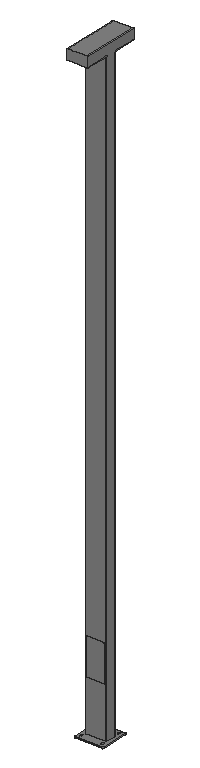
Revit family "Супремус В", category Осветительные приборы, Revit 2019 (continued)
Types (7, lengths in mm): name | Файл фотометрической сетки | built-in parameter 1150105 | Lumens | built-in parameter 1150106 | built-in parameter 1150142 | Wattage | L_общая рассеиватели | ADSK_Фактическая мощность | ADSK_Размер_Высота | ADSK_Номинальная мощность | ADSK_Наименование | ADSK_Масса_Текст | ADSK_Масса | ADSK_Артикул | 2
    47.6 46.8 46.0 45.0 44.1 43.4 42.5 41.6 40.0 38.4 36.5 34.7 33.2 32.3 30.6 29.3 28.5\r\n 26.3 23.0 19.4 17.2 16.0 15.0 14.0 13.2 12.4 11.4 10.1 9.5 9.4 9.6 9.9 9.4 8.7 8.2 7.5 7.5 7.0 7.6 7.8 7.5 6.8 5.9 5.2 5.0 4.9\r\n 5.1 5.3 5.4 0.0 0.0 0.0 0.0 0.0 0.0 0.0 0.0 0.0 0.0 0.0 0.0 0.0 0.0 0.0 0.0 0.0 0.0 0.0 0.0 0.0 0.0 0.0 0.0 0.0 0.0 0.0 0.0 0.0\r\n 0.0 0.0 0.0 0.0 0.0 0.0 0.0 0.0 0.0 0.0 0.0 0.0 0.0 0.0 0.0 0.0 0.0 0.0 0.0 0.0 0.0 0.0 0.0 0.0 0.0 0.0 0.0 0.0 0.0 0.0 0.0 0.0\r\n 0.0 0.0 0.0 0.0 0.0 0.0 0.0 0.0 0.0 0.0 0.0 0.0 0.0 0.0 0.0 0.0 0.0 0.0 0.0 0.0 0.0 0.0 0.0 0.0 0.0 0.0 0.0 0.0 0.0 0.0 0.0 0.0\r\n 0.0 0.0 0.0 0.0 0.0 0.0 0.0 0.0 0.0 0.0 0.0 0.0 0.0 0.0 0.0 0.0 0.0 0.0 0.0 0.0 0.0 0.0 0.0 0.0 0.0 0.0 0.0 0.0 0.0 0.0 0.0 0.0\r\n 0.0 0.0 0.0 0.0 0.0 0.0 0.0 0.0 0.0 0.0 0.0 0.0 0.0 0.0 0.0 0.0 0.0 0.0 0.0 0.0 0.0 0.0 0.0 0.0 0.0 0.0 0.0 0.0 0.0 0.0 0.0 0.0\r\n 0.0 0.0 0.0\r\n275.6 273.3 270.8 268.1 265.9 263.1 260.6 258.2 255.5 252.9 250.2 247.2 243.8 239.9 235.5 231.1 227.1 223.2 220.1 217.2 214.0\r\n 210.7 207.1 203.2 199.2 195.4 191.3 187.4 183.1 178.7 174.0 169.0 163.9 158.9 154.0 149.5 145.1 140.9 137.3 134.0 130.8 128.1\r\n 125.5 122.8 120.4 118.0 115.6 113.1 110.3 107.4 104.4 101.3 98.5 95.8 93.2 90.5 87.6 84.6 81.8 79.1 76.8 74.3 72.0 69.7 67.3 65.3\r\n 63.2 61.3 59.6 58.0 56.5 55.0 53.5 52.1 50.6 49.2 48.0 46.7 45.5 44.5 43.5 42.6 41.7 40.9 40.1 39.3 38.6 38.1 37.8 37.3 37.1 37.0\r\n 37.1 37.0 36.8 37.0 37.4 37.8 38.1 38.0 37.8 37.6 37.3 36.8 36.6 37.1 37.0 36.8 36.2 35.5 34.8 34.0 33.7 33.4 33.0 33.0 33.0 33.3\r\n 34.0 34.6 35.5 36.7 38.1 40.0 42.8 47.2 51.7 56.4 60.8 64.8 68.8 72.0 73.8 73.9 72.0 71.0 68.6 66.5 64.1 62.7 61.3 60.0 58.5 56.8\r\n 56.1 55.2 54.4 53.4 52.5 51.8 51.1 50.4 49.5 48.6 47.6 46.3 45.2 44.3 43.2 42.2 40.4 38.6 36.6 34.9 33.6 32.3 30.6 29.5 28.1 25.7\r\n 22.1 18.9 17.2 16.0 14.9 13.9 13.1 12.3 11.4 9.9 9.6 9.6 10.0 9.9 9.6 8.8 8.1 7.7 7.5 7.8 8.6 8.4 7.8 6.8 5.8 5.3 5.2 5.0 5.3 5.5\r\n 5.7 0.0 0.0 0.0 0.0 0.0 0.0 0.0 0.0 0.0 0.0 0.0 0.0 0.0 0.0 0.0 0.0 0.0 0.0 0.0 0.0 0.0 0.0 0.0 0.0 0.0 0.0 0.0 0.0 0.0 0.0 0.0\r\n 0.0 0.0 0.0 0.0 0.0 0.0 0.0 0.0 0.0 0.0 0.0 0.0 0.0 0.0 0.0 0.0 0.0 0.0 0.0 0.0 0.0 0.0 0.0 0.0 0.0 0.0 0.0 0.0 0.0 0.0 0.0 0.0\r\n 0.0 0.0 0.0 0.0 0.0 0.0 0.0 0.0 0.0 0.0 0.0 0.0 0.0 0.0 0.0 0.0 0.0 0.0 0.0 0.0 0.0 0.0 0.0 0.0 0.0 0.0 0.0 0.0 0.0 0.0 0.0 0.0\r\n 0.0 0.0 0.0 0.0 0.0 0.0 0.0 0.0 0.0 0.0 0.0 0.0 0.0 0.0 0.0 0.0 0.0 0.0 0.0 0.0 0.0 0.0 0.0 0.0 0.0 0.0 0.0 0.0 0.0 0.0 0.0 0.0\r\n 0.0 0.0 0.0 0.0 0.0 0.0 0.0 0.0 0.0 0.0 0.0 0.0 0.0 0.0 0.0 0.0 0.0 0.0 0.0 0.0 0.0 0.0 0.0 0.0 0.0 0.0 0.0 0.0 0.0 0.0 0.0 0.0\r\n 0.0\r\n275.6 273.1 270.6 268.0 265.6 263.0 260.5 258.1 255.4 252.7 250.1 247.1 243.8 240.0 235.6 231.1 227.0 223.2 219.9 216.9 213.9\r\n 210.5 207.1 203.2 199.1 195.2 191.3 187.2 183.0 178.5 173.6 168.6 163.8 158.8 153.9 149.2 144.9 140.9 137.1 133.8 130.8 128.1\r\n 125.4 122.6 119.9 117.5 115.3 112.7 109.9 107.0 103.9 100.8 97.9 95.3 92.7 90.0 87.2 84.2 81.4 78.7 76.4 74.1 71.7 69.3 67.0 64.8\r\n 62.8 61.0 59.2 57.6 56.2 54.7 53.3 51.8 50.4 49.0 47.8 46.6 45.4 44.3 43.4 42.5 41.7 40.9 40.1 39.3 38.6 38.3 37.9 37.5 37.3 37.1\r\n 37.1 37.0 36.8 36.8 37.3 37.8 38.1 38.0 37.7 37.4 37.0 36.7 36.7 37.3 37.2 36.9 36.4 35.6 35.0 34.5 34.1 33.8 33.4 33.2 33.2 33.7\r\n 34.3 35.1 35.9 36.8 38.3 40.2 42.7 46.8 51.2 56.3 60.4 64.4 69.4 74.0 75.6 75.1 73.7 72.1 69.9 66.7 64.2 62.0 60.7 59.6 58.6 58.5\r\n 57.0 55.3 54.3 53.7 52.9 52.3 51.9 51.3 50.2 49.2 47.7 46.3 44.9 43.8 42.6 41.3 39.5 37.6 35.7 34.3 33.0 32.0 30.7 29.1 27.4 25.2\r\n 22.0 18.5 16.8 15.6 14.5 13.6 12.7 11.8 11.1 10.0 9.1 8.8 9.1 9.4 8.9 8.4 7.9 7.4 7.5 7.8 9.3 8.1 7.1 6.4 5.8 5.2 5.1 4.9 5.0 5.2\r\n 5.5 0.0 0.0 0.0 0.0 0.0 0.0 0.0 0.0 0.0 0.0 0.0 0.0 0.0 0.0 0.0 0.0 0.0 0.0 0.0 0.0 0.0 0.0 0.0 0.0 0.0 0.0 0.0 0.0 0.0 0.0 0.0\r\n 0.0 0.0 0.0 0.0 0.0 0.0 0.0 0.0 0.0 0.0 0.0 0.0 0.0 0.0 0.0 0.0 0.0 0.0 0.0 0.0 0.0 0.0 0.0 0.0 0.0 0.0 0.0 0.0 0.0 0.0 0.0 0.0\r\n 0.0 0.0 0.0 0.0 0.0 0.0 0.0 0.0 0.0 0.0 0.0 0.0 0.0 0.0 0.0 0.0 0.0 0.0 0.0 0.0 0.0 0.0 0.0 0.0 0.0 0.0 0.0 0.0 0.0 0.0 0.0 0.0\r\n 0.0 0.0 0.0 0.0 0.0 0.0 0.0 0.0 0.0 0.0 0.0 0.0 0.0 0.0 0.0 0.0 0.0 0.0 0.0 0.0 0.0 0.0 0.0 0.0 0.0 0.0 0.0 0.0 0.0 0.0 0.0 0.0\r\n 0.0 0.0 0.0 0.0 0.0 0.0 0.0 0.0 0.0 0.0 0.0 0.0 0.0 0.0 0.0 0.0 0.0 0.0 0.0 0.0 0.0 0.0 0.0 0.0 0.0 0.0 0.0 0.0 0.0 0.0 0.0 0.0\r\n 0.0\r\n275.6 273.1 270.8 268.1 265.6 263.1 260.6 258.0 255.4 252.8 250.1 247.2 243.8 239.9 235.6 231.1 227.1 223.3 220.1 216.9 214.0\r\n 210.7 207.3 203.3 199.4 195.4 191.4 187.4 183.1 178.6 173.7 168.6 163.6 158.8 154.1 149.5 145.1 141.1 137.4 134.1 130.9 128.0\r\n 125.3 122.6 120.1 117.8 115.6 113.1 110.3 107.3 104.4 101.4 98.5 95.8 93.2 90.6 87.6 84.7 81.8 79.0 76.6 74.3 72.1 69.6 67.4 65.2\r\n 63.0 61.3 59.5 57.9 56.4 54.9 53.6 52.1 50.7 49.3 48.1 46.9 45.7 44.7 43.7 42.8 41.9 41.0 40.2 39.4 38.7 38.2 37.7 37.3 37.2 37.0\r\n 36.9 36.7 36.5 36.5 37.1 37.7 38.0 37.9 37.7 37.2 36.8 36.6 36.6 37.3 37.3 36.9 36.3 35.5 35.1 34.6 34.1 33.6 33.1 32.9 33.0 33.4\r\n 34.0 34.6 35.7 36.8 38.4 40.4 42.9 46.8 51.4 56.2 60.0 63.6 67.4 71.1 73.3 74.1 72.9 71.5 69.3 67.0 64.9 62.5 60.5 59.5 58.8 57.6\r\n 56.9 55.9 54.7 53.9 52.9 52.2 51.5 50.9 50.0 49.1 47.9 46.8 45.6 44.7 43.7 42.2 40.2 38.3 36.4 35.2 33.6 32.6 31.5 29.4 27.6 25.3\r\n 21.9 18.6 16.9 15.6 14.5 13.5 12.6 11.8 10.8 9.7 9.4 9.1 9.4 9.8 9.3 8.7 8.1 7.7 7.7 8.3 9.7 8.5 7.2 6.4 5.7 5.2 5.0 5.1 5.2 5.3\r\n 5.6 0.0 0.0 0.0 0.0 0.0 0.0 0.0 0.0 0.0 0.0 0.0 0.0 0.0 0.0 0.0 0.0 0.0 0.0 0.0 0.0 0.0 0.0 0.0 0.0 0.0 0.0 0.0 0.0 0.0 0.0 0.0\r\n 0.0 0.0 0.0 0.0 0.0 0.0 0.0 0.0 0.0 0.0 0.0 0.0 0.0 0.0 0.0 0.0 0.0 0.0 0.0 0.0 0.0 0.0 0.0 0.0 0.0 0.0 0.0 0.0 0.0 0.0 0.0 0.0\r\n 0.0 0.0 0.0 0.0 0.0 0.0 0.0 0.0 0.0 0.0 0.0 0.0 0.0 0.0 0.0 0.0 0.0 0.0 0.0 0.0 0.0 0.0 0.0 0.0 0.0 0.0 0.0 0.0 0.0 0.0 0.0 0.0\r\n 0.0 0.0 0.0 0.0 0.0 0.0 0.0 0.0 0.0 0.0 0.0 0.0 0.0 0.0 0.0 0.0 0.0 0.0 0.0 0.0 0.0 0.0 0.0 0.0 0.0 0.0 0.0 0.0 0.0 0.0 0.0 0.0\r\n 0.0 0.0 0.0 0.0 0.0 0.0 0.0 0.0 0.0 0.0 0.0 0.0 0.0 0.0 0.0 0.0 0.0 0.0 0.0 0.0 0.0 0.0 0.0 0.0 0.0 0.0 0.0 0.0 0.0 0.0 0.0 0.0\r\n 0.0\r\n275.6 273.3 270.8 268.4 265.7 263.2 260.8 258.3 255.7 253.1 250.5 247.7 244.4 240.7 236.6 232.2 228.0 224.1 220.7 217.7 214.8\r\n 211.4 208.2 204.6 200.6 196.6 192.8 188.8 184.5 180.4 175.5 170.6 165.6 160.8 156.1 151.6 147.3 143.1 139.2 135.5 132.4 129.4\r\n 126.7 124.1 121.3 118.9 116.7 114.4 111.9 109.2 106.2 103.4 100.6 97.8 95.0 92.3 89.6 86.7 83.8 80.9 78.3 75.9 73.7 71.4 69.0\r\n 66.7 64.6 62.8 61.0 59.3 57.7 56.2 54.8 53.3 51.9 50.5 49.2 48.0 46.8 45.6 44.5 43.4 42.4 41.5 40.5 39.7 38.9 38.2 37.7 37.2 36.9\r\n 36.6 36.4 36.4 36.1 35.8 35.9 36.6 37.0 37.3 37.1 36.7 36.3 36.1 36.0 36.5 37.0 36.6 35.8 34.9 34.4 34.0 33.4 32.9 32.5 32.2 32.3\r\n 32.7 33.2 33.8 34.5 35.3 36.9 38.8 41.1 44.4 48.4 52.6 56.1 59.5 62.3 64.3 66.5 69.0 70.0 69.4 68.2 66.5 64.6 62.9 61.3 59.2 57.2\r\n 55.9 54.9 54.3 53.7 52.7 51.7 51.1 50.5 49.7 48.8 47.9 46.9 46.3 45.7 44.7 43.8 42.7 41.0 39.1 37.3 35.7 34.3 33.2 32.4 30.4 28.4\r\n 26.4 23.7 19.7 17.6 16.4 15.3 14.3 13.4 12.6 11.4 10.2 9.8 9.6 9.6 10.0 9.7 8.8 8.1 7.7 7.6 8.4 9.7 8.7 7.5 6.8 6.0 5.4 5.1 5.3\r\n 5.3 5.6 5.9 0.0 0.0 0.0 0.0 0.0 0.0 0.0 0.0 0.0 0.0 0.0 0.0 0.0 0.0 0.0 0.0 0.0 0.0 0.0 0.0 0.0 0.0 0.0 0.0 0.0 0.0 0.0 0.0 0.0\r\n 0.0 0.0 0.0 0.0 0.0 0.0 0.0 0.0 0.0 0.0 0.0 0.0 0.0 0.0 0.0 0.0 0.0 0.0 0.0 0.0 0.0 0.0 0.0 0.0 0.0 0.0 0.0 0.0 0.0 0.0 0.0 0.0\r\n 0.0 0.0 0.0 0.0 0.0 0.0 0.0 0.0 0.0 0.0 0.0 0.0 0.0 0.0 0.0 0.0 0.0 0.0 0.0 0.0 0.0 0.0 0.0 0.0 0.0 0.0 0.0 0.0 0.0 0.0 0.0 0.0\r\n 0.0 0.0 0.0 0.0 0.0 0.0 0.0 0.0 0.0 0.0 0.0 0.0 0.0 0.0 0.0 0.0 0.0 0.0 0.0 0.0 0.0 0.0 0.0 0.0 0.0 0.0 0.0 0.0 0.0 0.0 0.0 0.0\r\n 0.0 0.0 0.0 0.0 0.0 0.0 0.0 0.0 0.0 0.0 0.0 0.0 0.0 0.0 0.0 0.0 0.0 0.0 0.0 0.0 0.0 0.0 0.0 0.0 0.0 0.0 0.0 0.0 0.0 0.0 0.0 0.0\r\n 0.0 0.0 0.0\r\n275.6 273.3 270.8 268.4 266.0 263.6 261.0 258.7 256.0 253.4 250.8 248.1 244.8 241.2 237.3 233.0 228.7 224.8 221.5 218.3 215.5\r\n 212.4 209.2 205.6 201.8 198.1 194.0 190.1 186.0 182.0 177.6 172.5 167.8 162.9 158.3 153.8 149.5 145.3 141.4 137.6 134.1 130.9\r\n 128.1 125.5 122.9 120.5 118.3 116.2 113.9 111.4 108.8 106.2 103.6 100.6 97.9 95.0 92.2 89.3 86.3 83.5 80.8 78.2 75.7 73.5 71.3\r\n 69.0 67.0 65.0 63.0 61.3 59.6 58.0 56.4 55.0 53.5 52.0 50.7 49.4 48.1 46.8 45.6 44.4 43.3 42.2 41.2 40.2 39.3 38.4 37.6 37.1 36.8\r\n 36.6 36.3 36.1 36.0 35.7 35.4 35.5 36.0 36.3 36.5 36.2 35.7 35.4 35.3 35.6 36.0 36.0 35.6 34.8 34.0 33.4 32.9 32.3 31.9 31.7 31.6\r\n 31.8 32.1 32.6 33.3 34.1 35.4 37.1 39.2 42.0 45.7 49.1 52.0 54.7 56.9 58.0 59.1 60.7 62.7 63.8 63.9 63.4 61.9 60.6 59.8 57.8 55.5\r\n 53.6 51.9 50.4 49.5 48.7 48.1 47.6 47.1 46.5 45.9 45.3 44.7 43.8 43.0 42.4 41.7 40.8 39.5 38.0 36.4 34.8 32.9 31.6 30.8 29.0 27.1\r\n 25.2 22.8 19.2 16.9 15.8 14.7 13.7 13.0 12.1 11.3 10.4 10.1 9.8 9.5 9.4 9.4 8.6 8.0 7.5 7.3 7.9 8.5 8.8 6.8 6.2 5.6 5.3 5.1 5.3\r\n 5.3 5.5 5.5 0.0 0.0 0.0 0.0 0.0 0.0 0.0 0.0 0.0 0.0 0.0 0.0 0.0 0.0 0.0 0.0 0.0 0.0 0.0 0.0 0.0 0.0 0.0 0.0 0.0 0.0 0.0 0.0 0.0\r\n 0.0 0.0 0.0 0.0 0.0 0.0 0.0 0.0 0.0 0.0 0.0 0.0 0.0 0.0 0.0 0.0 0.0 0.0 0.0 0.0 0.0 0.0 0.0 0.0 0.0 0.0 0.0 0.0 0.0 0.0 0.0 0.0\r\n 0.0 0.0 0.0 0.0 0.0 0.0 0.0 0.0 0.0 0.0 0.0 0.0 0.0 0.0 0.0 0.0 0.0 0.0 0.0 0.0 0.0 0.0 0.0 0.0 0.0 0.0 0.0 0.0 0.0 0.0 0.0 0.0\r\n 0.0 0.0 0.0 0.0 0.0 0.0 0.0 0.0 0.0 0.0 0.0 0.0 0.0 0.0 0.0 0.0 0.0 0.0 0.0 0.0 0.0 0.0 0.0 0.0 0.0 0.0 0.0 0.0 0.0 0.0 0.0 0.0\r\n 0.0 0.0 0.0 0.0 0.0 0.0 0.0 0.0 0.0 0.0 0.0 0.0 0.0 0.0 0.0 0.0 0.0 0.0 0.0 0.0 0.0 0.0 0.0 0.0 0.0 0.0 0.0 0.0 0.0 0.0 0.0 0.0\r\n 0.0 0.0 0.0\r\n275.6 273.4 271.1 268.7 266.2 264.0 261.6 259.2 256.8 254.2 251.7 248.9 246.0 242.7 238.9 234.8 230.6 226.6 222.8 219.7 216.8\r\n 213.8 210.9 207.7 204.0 200.3 196.5 192.7 188.8 184.8 181.0 176.5 171.8 167.0 162.4 157.9 153.6 149.4 145.4 141.5 137.6 134.1\r\n 131.1 128.3 125.9 123.4 120.9 118.9 116.9 114.8 112.5 110.1 107.8 105.2 102.5 99.7 96.8 93.8 90.8 87.8 84.9 82.2 79.6 77.2 74.9\r\n 72.7 70.4 68.3 66.4 64.5 62.8 61.2 59.6 58.0 56.5 54.9 53.5 52.1 50.7 49.3 47.9 46.6 45.3 44.0 42.8 41.7 40.6 39.6 38.6 37.6 36.8\r\n 36.5 36.2 36.0 35.8 35.6 35.4 35.1 34.8 34.9 35.3 35.3 35.2 34.8 34.5 34.5 34.5 35.2 35.4 35.0 34.1 33.3 32.5 31.7 31.0 30.4 30.1\r\n 30.0 30.1 30.6 31.2 31.9 33.2 34.7 36.1 38.0 41.1 44.1 46.9 49.5 51.2 51.9 52.0 52.5 53.6 55.2 56.8 57.8 57.9 57.5 57.1 56.6 54.7\r\n 53.0 51.2 48.8 47.0 45.6 44.8 44.0 43.5 42.9 42.5 42.1 41.7 41.2 40.6 40.2 39.6 39.1 38.2 37.3 36.0 34.2 32.6 31.3 30.3 29.2 27.0\r\n 25.3 23.4 20.6 17.6 16.1 14.9 13.8 12.9 12.1 11.1 10.5 9.6 9.6 9.3 9.3 9.0 8.9 8.2 7.7 7.4 7.5 7.1 7.3 6.4 5.9 5.4 5.3 5.1 5.1\r\n 5.2 5.3 4.7 0.0 0.0 0.0 0.0 0.0 0.0 0.0 0.0 0.0 0.0 0.0 0.0 0.0 0.0 0.0 0.0 0.0 0.0 0.0 0.0 0.0 0.0 0.0 0.0 0.0 0.0 0.0 0.0 0.0\r\n 0.0 0.0 0.0 0.0 0.0 0.0 0.0 0.0 0.0 0.0 0.0 0.0 0.0 0.0 0.0 0.0 0.0 0.0 0.0 0.0 0.0 0.0 0.0 0.0 0.0 0.0 0.0 0.0 0.0 0.0 0.0 0.0\r\n 0.0 0.0 0.0 0.0 0.0 0.0 0.0 0.0 0.0 0.0 0.0 0.0 0.0 0.0 0.0 0.0 0.0 0.0 0.0 0.0 0.0 0.0 0.0 0.0 0.0 0.0 0.0 0.0 0.0 0.0 0.0 0.0\r\n 0.0 0.0 0.0 0.0 0.0 0.0 0.0 0.0 0.0 0.0 0.0 0.0 0.0 0.0 0.0 0.0 0.0 0.0 0.0 0.0 0.0 0.0 0.0 0.0 0.0 0.0 0.0 0.0 0.0 0.0 0.0 0.0\r\n 0.0 0.0 0.0 0.0 0.0 0.0 0.0 0.0 0.0 0.0 0.0 0.0 0.0 0.0 0.0 0.0 0.0 0.0 0.0 0.0 0.0 0.0 0.0 0.0 0.0 0.0 0.0 0.0 0.0 0.0 0.0 0.0\r\n 0.0 0.0 0.0\r\n275.6 273.5 271.2 268.9 266.7 264.3 262.1 259.9 257.4 254.9 252.4 249.9 247.1 243.9 240.4 236.6 232.5 228.3 224.6 221.2 218.1\r\n 215.3 212.6 209.4 206.2 202.8 199.0 195.4 191.6 187.9 184.1 180.3 176.0 171.5 166.7 162.4 158.1 153.9 149.8 146.1 142.0 138.2\r\n 134.7 131.7 128.9 126.5 124.3 122.2 120.2 118.2 116.3 114.4 112.2 109.9 107.5 105.1 102.5 99.5 96.5 93.4 90.4 87.3 84.6 81.9 79.5\r\n 77.3 75.2 73.0 70.9 68.9 67.1 65.3 63.4 62.0 60.3 58.7 57.0 55.4 53.7 52.1 50.5 49.0 47.5 46.1 44.7 43.3 42.2 41.0 40.0 39.0 38.1\r\n 37.2 36.5 36.1 35.8 35.5 35.3 35.1 34.9 34.6 34.3 34.4 34.5 34.5 34.4 34.0 33.8 34.0 34.5 34.8 34.2 33.4 32.6 31.7 30.9 30.0 29.4\r\n 29.0 28.8 28.8 29.0 29.5 30.6 32.1 33.8 35.5 37.7 40.2 42.7 45.2 46.6 46.7 46.6 46.5 46.8 47.5 48.5 49.7 50.9 51.6 52.1 52.3 52.2\r\n 51.5 50.5 48.8 46.9 45.2 43.9 43.0 42.3 41.9 41.2 40.7 40.0 39.3 38.8 39.0 38.8 38.0 37.2 36.0 34.7 33.2 31.7 30.3 29.3 28.3 26.9\r\n 25.5 24.2 22.1 19.4 17.7 16.5 15.3 14.2 13.2 12.1 11.3 10.6 10.6 9.7 9.4 8.9 8.7 8.3 7.5 7.1 6.9 6.8 6.3 5.9 5.5 5.1 5.0 5.0 5.0\r\n 4.9 4.7 3.6 0.0 0.0 0.0 0.0 0.0 0.0 0.0 0.0 0.0 0.0 0.0 0.0 0.0 0.0 0.0 0.0 0.0 0.0 0.0 0.0 0.0 0.0 0.0 0.0 0.0 0.0 0.0 0.0 0.0\r\n 0.0 0.0 0.0 0.0 0.0 0.0 0.0 0.0 0.0 0.0 0.0 0.0 0.0 0.0 0.0 0.0 0.0 0.0 0.0 0.0 0.0 0.0 0.0 0.0 0.0 0.0 0.0 0.0 0.0 0.0 0.0 0.0\r\n 0.0 0.0 0.0 0.0 0.0 0.0 0.0 0.0 0.0 0.0 0.0 0.0 0.0 0.0 0.0 0.0 0.0 0.0 0.0 0.0 0.0 0.0 0.0 0.0 0.0 0.0 0.0 0.0 0.0 0.0 0.0 0.0\r\n 0.0 0.0 0.0 0.0 0.0 0.0 0.0 0.0 0.0 0.0 0.0 0.0 0.0 0.0 0.0 0.0 0.0 0.0 0.0 0.0 0.0 0.0 0.0 0.0 0.0 0.0 0.0 0.0 0.0 0.0 0.0 0.0\r\n 0.0 0.0 0.0 0.0 0.0 0.0 0.0 0.0 0.0 0.0 0.0 0.0 0.0 0.0 0.0 0.0 0.0 0.0 0.0 0.0 0.0 0.0 0.0 0.0 0.0 0.0 0.0 0.0 0.0 0.0 0.0 0.0\r\n 0.0 0.0 0.0\r\n275.6 273.5 271.3 269.1 267.0 264.8 262.6 260.3 258.2 255.6 253.2 250.8 248.3 245.4 242.3 238.7 235.1 231.1 227.2 223.6 220.4\r\n 217.2 214.4 211.6 208.8 205.8 202.5 198.9 195.5 191.7 188.4 184.7 181.1 177.2 173.1 168.6 164.2 160.0 156.0 152.3 148.6 144.9\r\n 141.2 137.5 134.2 131.5 129.0 126.8 124.7 122.7 120.6 118.8 117.1 115.2 113.2 111.1 109.1 106.9 104.4 101.5 98.5 95.5 92.4 89.3\r\n 86.4 83.9 81.6 79.4 77.3 75.1 73.1 71.1 69.2 67.2 65.3 63.5 61.9 60.4 58.8 57.0 55.2 53.4 51.7 50.0 48.3 46.6 45.1 43.7 42.4 41.3\r\n 40.1 39.1 38.2 37.4 36.6 35.9 35.6 35.3 35.0 34.8 34.7 34.5 34.2 33.9 33.8 33.7 33.5 33.4 33.2 33.3 33.8 34.0 33.4 32.8 31.9 31.0\r\n 30.1 29.1 28.4 27.9 27.6 27.6 27.8 28.4 29.4 30.7 32.2 34.3 37.0 39.8 42.6 44.5 44.8 44.4 43.6 42.9 43.2 43.4 44.0 44.8 45.5 46.1\r\n 46.2 46.0 45.9 45.4 44.9 44.2 43.3 43.1 43.2 42.3 41.4 40.3 39.4 38.3 37.5 37.3 37.2 36.5 35.4 34.3 32.9 31.6 30.2 29.0 28.3 27.1\r\n 25.9 24.8 23.8 22.4 20.6 18.2 16.7 15.6 14.6 13.7 12.7 11.7 10.8 10.2 9.9 9.0 8.6 8.0 8.0 7.6 6.8 6.4 6.0 5.4 5.0 4.7 4.5 4.4 4.4\r\n 4.3 4.2 3.7 2.6 0.0 0.0 0.0 0.0 0.0 0.0 0.0 0.0 0.0 0.0 0.0 0.0 0.0 0.0 0.0 0.0 0.0 0.0 0.0 0.0 0.0 0.0 0.0 0.0 0.0 0.0 0.0 0.0\r\n 0.0 0.0 0.0 0.0 0.0 0.0 0.0 0.0 0.0 0.0 0.0 0.0 0.0 0.0 0.0 0.0 0.0 0.0 0.0 0.0 0.0 0.0 0.0 0.0 0.0 0.0 0.0 0.0 0.0 0.0 0.0 0.0\r\n 0.0 0.0 0.0 0.0 0.0 0.0 0.0 0.0 0.0 0.0 0.0 0.0 0.0 0.0 0.0 0.0 0.0 0.0 0.0 0.0 0.0 0.0 0.0 0.0 0.0 0.0 0.0 0.0 0.0 0.0 0.0 0.0\r\n 0.0 0.0 0.0 0.0 0.0 0.0 0.0 0.0 0.0 0.0 0.0 0.0 0.0 0.0 0.0 0.0 0.0 0.0 0.0 0.0 0.0 0.0 0.0 0.0 0.0 0.0 0.0 0.0 0.0 0.0 0.0 0.0\r\n 0.0 0.0 0.0 0.0 0.0 0.0 0.0 0.0 0.0 0.0 0.0 0.0 0.0 0.0 0.0 0.0 0.0 0.0 0.0 0.0 0.0 0.0 0.0 0.0 0.0 0.0 0.0 0.0 0.0 0.0 0.0 0.0\r\n 0.0 0.0 0.0 0.0\r\n275.6 273.7 271.5 269.5 267.3 265.2 263.1 261.2 259.1 256.8 254.3 252.0 249.5 246.9 244.2 240.9 237.3 233.7 230.0 226.3 222.9\r\n 219.7 216.6 213.7 211.2 208.6 205.7 202.6 199.1 195.9 192.6 189.0 185.6 182.2 178.8 175.1 171.2 166.8 162.7 159.0 155.3 151.8\r\n 148.4 144.9 141.5 137.9 134.8 132.1 129.7 127.5 125.6 124.1 122.5 120.8 119.2 117.5 115.6 113.7 111.7 109.5 106.9 104.2 101.5\r\n 98.6 95.6 92.9 90.2 87.6 85.2 82.8 80.7 78.7 76.6 74.8 72.8 70.9 69.0 67.1 65.2 63.3 61.6 59.8 58.0 56.0 54.0 52.0 50.1 48.2 46.4\r\n 44.7 43.2 41.9 40.8 39.7 38.7 37.8 37.0 36.3 35.7 35.4 35.1 34.8 34.7 34.5 34.2 33.9 33.4 33.1 32.8 32.6 32.6 32.8 33.2 33.2 32.4\r\n 31.5 30.7 30.0 29.3 28.4 27.5 26.9 26.4 26.1 26.1 26.5 27.4 28.6 30.1 31.9 34.2 36.3 39.0 41.8 42.8 43.4 42.3 41.7 41.3 41.5 41.7\r\n 41.6 41.0 40.4 39.8 38.9 38.4 37.7 37.2 37.0 37.5 38.1 37.7 36.5 35.9 35.6 35.6 35.8 34.5 32.7 31.6 30.4 28.9 27.4 26.2 25.1 24.3\r\n 23.5 22.9 22.2 21.7 20.6 19.0 17.1 15.2 14.0 13.0 12.1 11.2 10.0 9.1 8.5 8.3 7.8 7.2 6.9 6.7 6.6 6.1 5.7 5.2 4.7 4.4 4.1 4.0 4.1\r\n 4.0 3.9 3.5 2.5 2.2 0.0 0.0 0.0 0.0 0.0 0.0 0.0 0.0 0.0 0.0 0.0 0.0 0.0 0.0 0.0 0.0 0.0 0.0 0.0 0.0 0.0 0.0 0.0 0.0 0.0 0.0 0.0\r\n 0.0 0.0 0.0 0.0 0.0 0.0 0.0 0.0 0.0 0.0 0.0 0.0 0.0 0.0 0.0 0.0 0.0 0.0 0.0 0.0 0.0 0.0 0.0 0.0 0.0 0.0 0.0 0.0 0.0 0.0 0.0 0.0\r\n 0.0 0.0 0.0 0.0 0.0 0.0 0.0 0.0 0.0 0.0 0.0 0.0 0.0 0.0 0.0 0.0 0.0 0.0 0.0 0.0 0.0 0.0 0.0 0.0 0.0 0.0 0.0 0.0 0.0 0.0 0.0 0.0\r\n 0.0 0.0 0.0 0.0 0.0 0.0 0.0 0.0 0.0 0.0 
